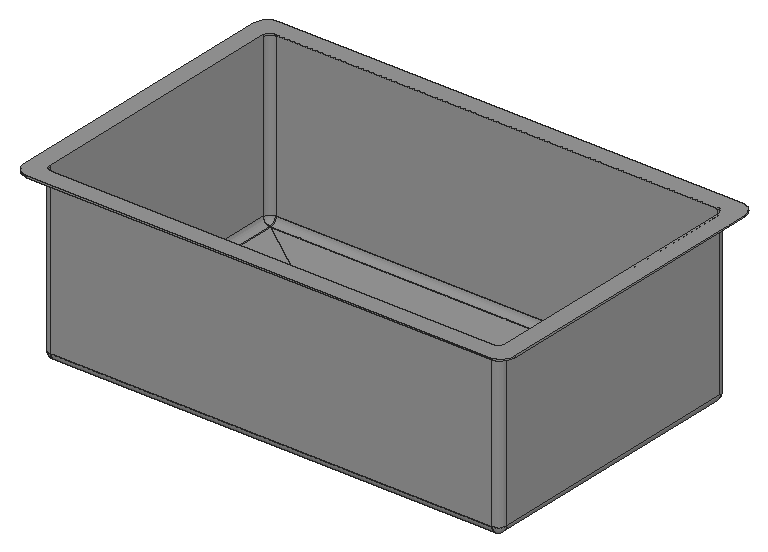
Revit family "BUILDMAT-SNGD005-Avisa-700-Brass-Gold", category Plumbing Fixtures, host Face, Revit 2020
Family settings
  Host = Face
  Round Connector Dimension = Use Diameter
  Part Type = Normal
  Cut with Voids When Loaded = No
  Shared = No
  Room Calculation Point = No
Parameters (values of type "Avisa 700x450x250mm")
  Width = 650.0 mm
  Undermount [instance] = 0.0 mm
  URL = "https://www.buildmat.com.au/products/700x450x250-single-bowl-kitchen-sink"
  Side Sound Pad = yes
  Side Brackets = yes
  Model = "SNA01005"  # constant formula
  Middle Sound Pad = no
  Middle Bracket = yes
  Manufacturer URL = "https://www.buildmat.com.au/"
  Manufacturer = "BUILDMAT"  # constant formula
  Length = 400.0 mm
  Description = "BUILDMAT - Avisa 700x450 - Large Single Bowl Sink"  # constant formula
  Depth = 250.0 mm
  Default Elevation = 1219.2 mm
  Created By URL = "https://www.buildmat.com.au/"
  Created By = "BUILDMAT"  # constant formula
  Created = "22.06.2022"  # constant formula
  Material = BUILDMAT Brass Gold
Reference planes
  plane 1 "Center (Front/Back)": y = 0
  plane 2: z = 0
  plane 3 "Center (Left/Right)": x = 0
  plane 4 "Top Substrate": z = 0
  plane 5 "Left": x = -325
  plane 6 "Right": x = 325
  plane 7 "Back": y = 200
  plane 8 "Front": y = -200
  plane 9: x = -350
  plane 10: x = 350
  plane 11: y = -225
  plane 12: y = 225
  plane 13 "Bottom Void": z = -250
  plane 14: z = 1.5
  plane 15: x = -326.5
  plane 16: y = -201.5
  plane 17: x = 326.5
  plane 18: y = 201.5
  plane 19: z = -240
  plane 20: z = -230
  plane 21: x = -315
  plane 22: x = 315
  plane 23: y = -190
  plane 24: y = 190
  plane 25: z = -245
  plane 26: z = -241.5
  plane 27: z = -246.5
  plane 28: x = -100
  plane 29: x = 100
  plane 30 "Sound Pad": z = -130
  plane 31 "Front Bracket": y = -100
  plane 32 "Back Bracket": y = 100
  plane 33: x = -225
  plane 34: x = 225
  plane 35: x = -57
  plane 36: x = 57
  plane 37: x = -45
  plane 38: x = 45
Forms (mm)
  Extrusion 1, void
    sketch origin (0, 0, 0) x (1, 0, 0) y (0, 1, 0)
      loop
        arc (-315, 200) -> (-322.071, 197.071) -> (-325, 190) r 10
        line (-325, 190) -> (-325, -190)
        arc (-325, -190) -> (-322.071, -197.071) -> (-315, -200) r 10
        line (-315, -200) -> (315, -200)
        arc (315, -200) -> (322.071, -197.071) -> (325, -190) r 10
        line (325, -190) -> (325, 190)
        arc (325, 190) -> (322.071, 197.071) -> (315, 200) r 10
        line (315, 200) -> (-315, 200)
    from 0 to 1.5
  Extrusion 2, void
    sketch origin (0, 0, 0) x (1, 0, 0) y (0, 1, 0)
      loop
        line (-326.5, 201.5) -> (-326.5, -201.5) -> (326.5, -201.5) -> (326.5, 201.5) -> (-326.5, 201.5)
    from 0 to -250
  Extrusion 3, void
    sketch origin (0, 0, 0) x (1, 0, 0) y (0, 1, 0)
      loop
        arc (-330, 225) -> (-344.142, 219.142) -> (-350, 205) r 20
        line (-350, 205) -> (-350, -205)
        arc (-350, -205) -> (-344.142, -219.142) -> (-330, -225) r 20
        line (-330, -225) -> (330, -225)
        arc (330, -225) -> (344.142, -219.142) -> (350, -205) r 20
        line (350, -205) -> (350, 205)
        arc (350, 205) -> (344.142, 219.142) -> (330, 225) r 20
        line (330, 225) -> (-330, 225)
    from 1.5 to 0
  Extrusion 4, solid, material "BUILDMAT Brass Gold" <- "Material"
    sketch origin (0, 0, 0) x (-1, 0, 0) y (0, -1, 0)
      loop
        arc (330, -225) -> (344.142, -219.142) -> (350, -205) r 20
        line (350, -205) -> (350, 205)
        arc (350, 205) -> (344.142, 219.142) -> (330, 225) r 20
        line (330, 225) -> (-330, 225)
        arc (-330, 225) -> (-344.142, 219.142) -> (-350, 205) r 20
        line (-350, 205) -> (-350, -205)
        arc (-350, -205) -> (-344.142, -219.142) -> (-330, -225) r 20
        line (-330, -225) -> (330, -225)
      loop
        arc (315, -200) -> (322.071, -197.071) -> (325, -190) r 10
        line (325, -190) -> (325, 190)
        arc (325, 190) -> (322.071, 197.071) -> (315, 200) r 10
        line (315, 200) -> (-315, 200)
        arc (-315, 200) -> (-322.071, 197.071) -> (-325, 190) r 10
        line (-325, 190) -> (-325, -190)
        arc (-325, -190) -> (-322.071, -197.071) -> (-315, -200) r 10
        line (-315, -200) -> (315, -200)
    from 0 to 1.5
  Extrusion 5, solid, material "BUILDMAT Brass Gold" <- "Material"
    sketch origin (0, 0, 0) x (-1, 0, 0) y (0, -1, 0)
      loop
        arc (315, -201.5) -> (323.132, -198.132) -> (326.5, -190) r 11.5
        line (326.5, -190) -> (326.5, 190)
        arc (326.5, 190) -> (323.132, 198.132) -> (315, 201.5) r 11.5
        line (315, 201.5) -> (-315, 201.5)
        arc (-315, 201.5) -> (-323.132, 198.132) -> (-326.5, 190) r 11.5
        line (-326.5, 190) -> (-326.5, -190)
        arc (-326.5, -190) -> (-323.132, -198.132) -> (-315, -201.5) r 11.5
        line (-315, -201.5) -> (315, -201.5)
      loop
        arc (-315, 200) -> (-322.071, 197.071) -> (-325, 190) r 10
        line (-325, 190) -> (-325, -190)
        arc (-325, -190) -> (-322.071, -197.071) -> (-315, -200) r 10
        line (-315, -200) -> (315, -200)
        arc (315, -200) -> (322.071, -197.071) -> (325, -190) r 10
        line (325, -190) -> (325, 190)
        arc (325, 190) -> (322.071, 197.071) -> (315, 200) r 10
        line (315, 200) -> (-315, 200)
    from 0 to -230
  Revolve 6, solid, material "BUILDMAT Brass Gold" <- "Material"
    sketch origin (-175.162, 190, 1219.2) x (-1, 0, 0) y (0, 0, 1)
      loop
        line (-500.162, -1449.2) -> (-501.662, -1449.2)
        arc (-501.662, -1449.2) -> (-498.293, -1457.332) -> (-490.162, -1460.7) r 11.5
        line (-490.162, -1460.7) -> (-490.162, -1459.2)
        arc (-490.162, -1459.2) -> (-497.233, -1456.271) -> (-500.162, -1449.2) r 10
      axis (-490.162, -1460.7) -> (-490.162, -1449.2)
    angle from 0 to -90
  Revolve 7, solid, material "BUILDMAT Brass Gold" <- "Material"
    sketch origin (-175.162, 190, 1219.2) x (-1, 0, 0) y (0, 0, 1)
      loop
        arc (149.838, -1449.2) -> (146.909, -1456.271) -> (139.838, -1459.2) r 10
        line (139.838, -1459.2) -> (139.838, -1460.7)
        arc (139.838, -1460.7) -> (147.97, -1457.332) -> (151.338, -1449.2) r 11.5
        line (151.338, -1449.2) -> (149.838, -1449.2)
      axis (139.838, -1449.2) -> (139.838, -1460.7)
    angle from 0 to -90
  Revolve 8, solid, material "BUILDMAT Brass Gold" <- "Material"
    sketch origin (-175.162, -190, 1219.2) x (-1, 0, 0) y (0, 0, 1)
      loop
        arc (149.838, -1449.2) -> (146.909, -1456.271) -> (139.838, -1459.2) r 10
        line (139.838, -1459.2) -> (139.838, -1460.7)
        arc (139.838, -1460.7) -> (147.97, -1457.332) -> (151.338, -1449.2) r 11.5
        line (151.338, -1449.2) -> (149.838, -1449.2)
      axis (139.838, -1449.2) -> (139.838, -1460.7)
    angle from 0 to 90
  Revolve 9, solid, material "BUILDMAT Brass Gold" <- "Material"
    sketch origin (-175.162, -190, 1219.2) x (-1, 0, 0) y (0, 0, 1)
      loop
        line (-500.162, -1449.2) -> (-501.662, -1449.2)
        arc (-501.662, -1449.2) -> (-498.293, -1457.332) -> (-490.162, -1460.7) r 11.5
        line (-490.162, -1460.7) -> (-490.162, -1459.2)
        arc (-490.162, -1459.2) -> (-497.233, -1456.271) -> (-500.162, -1449.2) r 10
      axis (-490.162, -1449.2) -> (-490.162, -1460.7)
    angle from 0 to 90
  Extrusion 10, solid, material "BUILDMAT Brass Gold" <- "Material"
    sketch origin (0, 0, 0) x (1, 0, 0) y (0, 0, 1)
      loop
        line (-325, -230) -> (-326.5, -230)
        arc (-326.5, -230) -> (-323.132, -238.132) -> (-315, -241.5) r 11.5
        line (-315, -241.5) -> (-315, -240)
        arc (-315, -240) -> (-322.071, -237.071) -> (-325, -230) r 10
    from -190 to 190
  Extrusion 11, solid, material "BUILDMAT Brass Gold" <- "Material"
    sketch origin (0, 0, 0) x (1, 0, 0) y (0, 0, 1)
      loop
        arc (325, -230) -> (322.071, -237.071) -> (315, -240) r 10
        line (315, -240) -> (315, -241.5)
        arc (315, -241.5) -> (323.132, -238.132) -> (326.5, -230) r 11.5
        line (326.5, -230) -> (325, -230)
    from -190 to 190
  Extrusion 12, solid, material "BUILDMAT Brass Gold" <- "Material"
    sketch origin (0, 0, 0) x (0, 1, 0) y (0, 0, 1)
      loop
        arc (200, -230) -> (197.071, -237.071) -> (190, -240) r 10
        line (190, -240) -> (190, -241.5)
        arc (190, -241.5) -> (198.132, -238.132) -> (201.5, -230) r 11.5
        line (201.5, -230) -> (200, -230)
    from -315 to 315
  Extrusion 13, solid, material "BUILDMAT Brass Gold" <- "Material"
    sketch origin (0, 0, 0) x (0, 1, 0) y (0, 0, 1)
      loop
        line (-200, -230) -> (-201.5, -230)
        arc (-201.5, -230) -> (-198.132, -238.132) -> (-190, -241.5) r 11.5
        line (-190, -241.5) -> (-190, -240)
        arc (-190, -240) -> (-197.071, -237.071) -> (-200, -230) r 10
    from -315 to 315
  Revolve 14, solid, material "BUILDMAT Brass Gold" <- "Material"
    sketch origin (0, 0, 0) x (1, 0, 0) y (0, 0, 1)
      loop
        line (-45, -250) -> (-45, -248.5)
        spline (-45, -248.5) -> (-46.484, -248.459) -> (-47.939, -248.339) -> (-49.337, -248.141) -> (-50.649, -247.871) -> (-51.848, -247.537) -> (-52.908, -247.151) -> (-53.805, -246.726) -> (-54.514, -246.283) -> (-55.023, -245.856) -> (-55.329, -245.483) -> (-55.468, -245.202) -> (-55.5, -245)
        line (-55.5, -245) -> (-57, -245)
        spline (-57, -245) -> (-56.897, -245.653) -> (-56.591, -246.294) -> (-56.087, -246.913) -> (-55.392, -247.5) -> (-54.52, -248.044) -> (-53.485, -248.536) -> (-52.305, -248.967) -> (-51, -249.33) -> (-49.592, -249.619) -> (-48.106, -249.83) -> (-46.566, -249.957) -> (-45, -250)
      axis (0, -245) -> (0, -250)
    angle from 0 to 360
  Blend 15, solid, material "BUILDMAT Brass Gold" <- "Material"
    base sketch origin (0, 0, 0) x (-1, 0, 0) y (0, -1, 0)
      loop
        circle (0, 0) r 57
    top sketch origin (0, 0, 0) x (-1, 0, 0) y (0, -1, 0)
      loop
        line (315, -190) -> (315, 190) -> (-315, 190) -> (-315, -190) -> (315, -190)
    from -246.5 to -241.5
  Blend 16, void
    base sketch origin (0, 0, 0) x (-1, 0, 0) y (0, -1, 0)
      loop
        circle (0, 0) r 57
    top sketch origin (0, 0, 0) x (-1, 0, 0) y (0, -1, 0)
      loop
        line (315, -190) -> (315, 190) -> (-315, 190) -> (-315, -190) -> (315, -190)
    from -245 to -240
  Extrusion 17, solid, material "BUILDMAT Brass Gold" <- "Material"
    sketch origin (0, 0, 0) x (-1, 0, 0) y (0, -1, 0)
      loop
        line (315, -190) -> (315, 190) -> (-315, 190) -> (-315, -190) -> (315, -190)
    from -241.5 to -240
  Extrusion 18, void
    sketch origin (0, 0, 0) x (-1, 0, 0) y (0, -1, 0)
      loop
        circle (0, 0) r 57
    from -250 to -230
Cuts and joins
  joined: Extrusion 4, Extrusion 5
  joined: Revolve 6, Revolve 9
  joined: Revolve 7, Revolve 8
  Blend 16, Extrusion 18 cuts Blend 15
  Blend 16, Extrusion 18 cuts Extrusion 17
  joined: Blend 15, Extrusion 17
Lines and regions (mm)
  Masking region 1
    outline origin (0, 0, 0) x (1, 0, 0) y (0, 0, 1)
      loop
        line (325, 0) -> (-325, 0) -> (-325, -230)
        arc (-325, -230) -> (-322.071, -237.071) -> (-315, -240) r 10
        line (-315, -240) -> (-57, -245) -> (57, -245) -> (315, -240)
        arc (315, -240) -> (322.071, -237.071) -> (325, -230) r 10
        line (325, -230) -> (325, 0)
  Masking region 2
    outline origin (0, 0, 0) x (1, 0, 0) y (0, 0, 1)
      loop
        line (-100, -245.667) -> (-100, -250) -> (-57, -250) -> (-57, -246.5) -> (-100, -245.667)
  Masking region 3
    outline origin (0, 0, 0) x (1, 0, 0) y (0, 0, 1)
      loop
        line (57, -246.5) -> (57, -250) -> (100, -250) -> (100, -245.667) -> (57, -246.5)
Text (mm)
  text "Refer to www.buildmat.com.au for the most current product literature. \nAllow a +/- 5mm tolerance for dimensions shown in the product literature. \nPlease note product details are subject to change due to ongoing product development." at (0.056, -1035.857, 0), in view "Ref. Level"
Dimensions and locks
  "Undermount": plane 2 to plane 4 "Top Substrate"
  equal spacing: plane 5 "Left", plane 3 "Center (Left/Right)", plane 6 "Right"
  "Width": plane 5 "Left" to plane 6 "Right"
  "Length": plane 7 "Back" to plane 8 "Front"
  equal spacing: plane 7 "Back", plane 1 "Center (Front/Back)", plane 8 "Front"
  locked: plane 12 to plane 7 "Back" at 25
  locked: plane 8 "Front" to plane 11 at 25
  locked: plane 9 to plane 5 "Left" at 25
  locked: plane 6 "Right" to plane 10 at 25
  "Depth": plane 4 "Top Substrate" to plane 13 "Bottom Void"
  locked: plane 14 to plane 4 "Top Substrate" at 1.5
  locked: plane 18 to plane 7 "Back" at 1.5
  locked: plane 8 "Front" to plane 16 at 1.5
  plane 15 to plane 5 "Left" = 1.5 mm
  plane 6 "Right" to plane 17 = 1.5 mm
  plane 20 to plane 19 to plane 13 "Bottom Void" = 10.0 mm, 10.0 mm
  locked: plane 5 "Left" to plane 21 at 10
  locked: plane 22 to plane 6 "Right" at 10
  locked: plane 7 "Back" to plane 24 at 10
  locked: plane 23 to plane 8 "Front" at 10
  locked: plane 19 to plane 26 at 1.5
  locked: plane 25 to plane 13 "Bottom Void" at 5
  locked: plane 25 to plane 27 at 1.5
  plane 29 to plane 3 "Center (Left/Right)" to plane 28 = 100.0 mm locked, 100.0 mm locked
  locked: plane 30 "Sound Pad" to plane 13 "Bottom Void" at 120
  locked: plane 7 "Back" to plane 32 "Back Bracket" at 100
  locked: plane 31 "Front Bracket" to plane 8 "Front" at 100
  locked: plane 33 to plane 5 "Left" at 100
  locked: plane 6 "Right" to plane 34 at 100
  equal spacing: plane 3 "Center (Left/Right)", nested 15, plane 33
  equal spacing: plane 34, nested 16, plane 3 "Center (Left/Right)"
  plane 37 to plane 3 "Center (Left/Right)" to plane 38 = 45.0 mm locked, 45.0 mm locked
  plane 35 to plane 3 "Center (Left/Right)" to plane 36 = 57.0 mm locked, 57.0 mm locked
  aligned and locked: plane 2 to host face
  aligned and locked: level to host face
  aligned and locked: plane 8 "Front" to Extrusion 1 sketch curve
  aligned and locked: Extrusion 1 sketch curve to plane 7 "Back"
  aligned and locked: plane 5 "Left" to Extrusion 1 sketch curve
  aligned and locked: Extrusion 1 sketch curve to plane 6 "Right"
  aligned and locked: plane 2 to Extrusion 1
  aligned and locked: plane 14 to Extrusion 1
  aligned and locked: Extrusion 2 sketch curve to plane 16
  aligned and locked: Extrusion 2 sketch curve to plane 18
  aligned and locked: plane 15 to Extrusion 2 sketch curve
  aligned and locked: plane 17 to Extrusion 2 sketch curve
  aligned and locked: Extrusion 2 to plane 13 "Bottom Void"
  aligned and locked: plane 4 "Top Substrate" to Extrusion 2
  aligned and locked: Extrusion 3 sketch curve to plane 11
  aligned and locked: plane 9 to Extrusion 3 sketch curve
  aligned and locked: Extrusion 3 sketch curve to plane 10
  aligned and locked: Extrusion 3 sketch curve to plane 12
  aligned and locked: Extrusion 3 to plane 4 "Top Substrate"
  aligned and locked: Extrusion 3 to plane 14
  aligned and locked: Extrusion 4 sketch curve to plane 11
  aligned and locked: Extrusion 4 sketch curve to plane 12
  aligned and locked: plane 9 to Extrusion 4 sketch curve
  aligned and locked: Extrusion 4 sketch curve to plane 10
  aligned and locked: plane 5 "Left" to Extrusion 4 sketch curve
  aligned and locked: Extrusion 4 sketch curve to plane 6 "Right"
  aligned and locked: Extrusion 4 sketch curve to plane 7 "Back"
  aligned and locked: plane 8 "Front" to Extrusion 4 sketch curve
  aligned and locked: Extrusion 5 sketch curve to plane 7 "Back"
  aligned and locked: plane 5 "Left" to Extrusion 5 sketch curve
  aligned and locked: Extrusion 5 sketch curve to plane 6 "Right"
  aligned and locked: plane 8 "Front" to Extrusion 5 sketch curve
  aligned and locked: plane 15 to Extrusion 5 sketch curve
  aligned and locked: Extrusion 5 sketch curve to plane 16
  aligned and locked: plane 17 to Extrusion 5 sketch curve
  aligned and locked: Extrusion 5 sketch curve to plane 18
  aligned and locked: Extrusion 5 to plane 20
  aligned and locked: plane 4 "Top Substrate" to Extrusion 5
  aligned and locked: Extrusion 11 to plane 23
  aligned and locked: plane 24 to Extrusion 11
  aligned and locked: plane 24 to Extrusion 10
  aligned and locked: Extrusion 10 to plane 23
  aligned and locked: Extrusion 13 to plane 21
  aligned and locked: plane 22 to Extrusion 13
  aligned and locked: plane 22 to Extrusion 12
  aligned and locked: Extrusion 12 to plane 21
  aligned and locked: plane 21 to Blend 15 sketch curve
  aligned and locked: Blend 15 sketch curve to plane 22
  aligned and locked: Blend 15 sketch curve to plane 23
  aligned and locked: Blend 15 sketch curve to plane 24
  aligned and locked: plane 27 to Blend 15
  aligned and locked: Blend 15 to plane 26
  aligned and locked: Blend 16 sketch curve to plane 24
  aligned and locked: plane 21 to Blend 16 sketch curve
  aligned and locked: Blend 16 sketch curve to plane 22
  aligned and locked: Blend 16 sketch curve to plane 23
  aligned and locked: Blend 16 to plane 25
  aligned and locked: Blend 16 to plane 19
  aligned and locked: Extrusion 17 sketch curve to plane 24
  aligned and locked: Extrusion 17 sketch curve to plane 23
  aligned and locked: plane 21 to Extrusion 17 sketch curve
  aligned and locked: Extrusion 17 sketch curve to plane 22
  aligned and locked: Extrusion 17 to plane 26
  aligned and locked: Extrusion 17 to plane 19
  aligned and locked: Extrusion 18 to plane 13 "Bottom Void"
  aligned and locked: plane 20 to Extrusion 18
  aligned and locked: cut or joined group of Blend 15, Blend 16, Extrusion 17, Extrusion 18 to Masking region 2 sketch curve
  aligned and locked: Masking region 3 sketch curve to cut or joined group of Blend 15, Blend 16, Extrusion 17, Extrusion 18
  aligned and locked: plane 3 "Center (Left/Right)" to nested 1
  aligned and locked: nested 1 to plane 4 "Top Substrate"
  aligned and locked: plane 3 "Center (Left/Right)" to nested 2
  aligned and locked: nested 2 to plane 30 "Sound Pad"
  aligned and locked: nested 3 to plane 18
  aligned and locked: plane 3 "Center (Left/Right)" to nested 3
  aligned and locked: plane 16 to nested 4
  aligned and locked: nested 4 to plane 3 "Center (Left/Right)"
  aligned and locked: plane 31 "Front Bracket" to nested 6
  aligned and locked: plane 15 to nested 6
  aligned and locked: plane 31 "Front Bracket" to nested 8
  aligned and locked: plane 17 to nested 8
  aligned and locked: plane 32 "Back Bracket" to nested 7
  aligned and locked: plane 17 to nested 7
  aligned and locked: plane 32 "Back Bracket" to nested 5
  aligned and locked: plane 15 to nested 5
  aligned and locked: nested 9 to plane 4 "Top Substrate"
  aligned and locked: nested 9 to plane 33
  aligned and locked: nested 10 to plane 4 "Top Substrate"
  aligned and locked: nested 10 to plane 34
  aligned and locked: nested 13 to plane 33
  aligned and locked: nested 14 to plane 34
  aligned and locked: plane 16 to nested 13
  aligned and locked: nested 14 to plane 16
  aligned and locked: plane 33 to nested 11
  aligned and locked: nested 11 to plane 18
  aligned and locked: plane 34 to nested 12
  aligned and locked: plane 18 to nested 12
  aligned and locked: nested 15 to plane 30 "Sound Pad"
  aligned and locked: nested 16 to plane 30 "Sound Pad"
  aligned and locked: nested 17 to plane 23
  aligned and locked: nested 17 to plane 24
  aligned and locked: plane 22 to nested 17
  aligned and locked: plane 21 to nested 17
  aligned and locked: plane 3 "Center (Left/Right)" to nested 18
  aligned and locked: plane 1 "Center (Front/Back)" to nested 18
  aligned and locked: plane 4 "Top Substrate" to Masking region 1
Automatic sketch dimensions
  host sketch curve to host sketch curve = 2438.4 mm  (x2)
  plane 5 "Left" to Extrusion 1 sketch curve = 10.0 mm  (x2)
  Extrusion 1 sketch curve to plane 6 "Right" = 10.0 mm  (x2)
  Extrusion 4 sketch curve to plane 10 = 20.0 mm  (x2)
  Extrusion 4 sketch curve to Extrusion 4 sketch curve = 10.0 mm  (x2)
  plane 5 "Left" to Extrusion 4 sketch curve = 10.0 mm
  plane 9 to Extrusion 4 sketch curve = 20.0 mm
  plane 8 "Front" to Extrusion 4 sketch curve = 10.0 mm
  plane 11 to Extrusion 4 sketch curve = 20.0 mm
  Extrusion 3 sketch curve to plane 5 "Left" = 5.0 mm
  plane 6 "Right" to Extrusion 3 sketch curve = 5.0 mm  (x2)
  plane 7 "Back" to Extrusion 3 sketch curve = 5.0 mm
  plane 5 "Left" to Extrusion 5 sketch curve = 10.0 mm
  Extrusion 5 sketch curve to plane 6 "Right" = 10.0 mm
  plane 8 "Front" to Extrusion 5 sketch curve = 10.0 mm
  Extrusion 5 sketch curve to plane 7 "Back" = 10.0 mm
  Extrusion 5 sketch curve to Extrusion 5 sketch curve = 0.0 mm  (x4)
  Revolve 6 sketch curve to Revolve 6 sketch curve = 0.0 mm  (x3)
  plane 17 to Revolve 6 sketch curve = 0.0 mm
  Revolve 6 sketch curve to plane 6 "Right" = 0.0 mm
  Revolve 6 sketch curve to plane 22 = 0.0 mm  (x2)
  Revolve 6 sketch curve to plane 19 = 0.0 mm
  Revolve 6 sketch curve to plane 20 = 0.0 mm
  Revolve 7 sketch curve to Revolve 7 sketch curve = 0.0 mm  (x3)
  Revolve 7 sketch curve to plane 20 = 0.0 mm  (x2)
  Revolve 7 sketch curve to plane 21 = 0.0 mm  (x2)
  Revolve 7 sketch curve to plane 5 "Left" = 0.0 mm
  Revolve 7 sketch curve to plane 15 = 0.0 mm
  Revolve 8 sketch curve to Revolve 8 sketch curve = 0.0 mm  (x3)
  Revolve 8 sketch curve to plane 20 = 0.0 mm  (x2)
  Revolve 8 sketch curve to plane 21 = 0.0 mm  (x2)
  Revolve 8 sketch curve to plane 5 "Left" = 0.0 mm
  Revolve 8 sketch curve to plane 15 = 0.0 mm
  Revolve 9 sketch curve to Revolve 9 sketch curve = 0.0 mm  (x3)
  plane 17 to Revolve 9 sketch curve = 0.0 mm
  Revolve 9 sketch curve to plane 6 "Right" = 0.0 mm
  Revolve 9 sketch curve to plane 22 = 0.0 mm  (x2)
  Revolve 9 sketch curve to plane 20 = 0.0 mm
  Revolve 9 sketch curve to plane 19 = 0.0 mm
  Extrusion 10 sketch curve to plane 15 = 0.0 mm
  Extrusion 10 sketch curve to plane 5 "Left" = 0.0 mm
  Extrusion 10 sketch curve to plane 19 = 0.0 mm
  Extrusion 10 sketch curve to plane 21 = 0.0 mm
  Extrusion 11 sketch curve to plane 20 = 0.0 mm
  Extrusion 11 sketch curve to plane 22 = 0.0 mm
  Extrusion 11 sketch curve to plane 6 "Right" = 0.0 mm
  plane 17 to Extrusion 11 sketch curve = 0.0 mm
  Extrusion 12 sketch curve to plane 20 = 0.0 mm
  Extrusion 12 sketch curve to plane 24 = 0.0 mm
  Extrusion 12 sketch curve to plane 7 "Back" = 0.0 mm
  Extrusion 12 sketch curve to plane 18 = 0.0 mm
  Extrusion 13 sketch curve to plane 16 = 0.0 mm
  Extrusion 13 sketch curve to plane 8 "Front" = 0.0 mm
  Extrusion 13 sketch curve to plane 23 = 0.0 mm
  Extrusion 13 sketch curve to plane 19 = 0.0 mm
  Revolve 14 sketch curve to plane 25 = 0.0 mm
  Revolve 14 sketch curve to plane 13 "Bottom Void" = 0.0 mm  (x2)
  Revolve 14 sketch curve to plane 3 "Center (Left/Right)" = 0.0 mm
  Revolve 14 sketch curve to plane 20 = 0.0 mm
  Revolve 14 sketch curve to plane 3 "Center (Left/Right)" = 45.0 mm
  Revolve 14 sketch curve to Revolve 14 sketch curve = 10.5 mm
  Revolve 14 sketch curve to Revolve 14 sketch curve = 1.5 mm  (x2)
  Revolve 14 sketch curve to Revolve 14 sketch curve = 0.0 mm
  plane 1 "Center (Front/Back)" to Blend 15 sketch curve = 0.0 mm
  Blend 15 sketch curve to plane 3 "Center (Left/Right)" = 0.0 mm
  plane 1 "Center (Front/Back)" to Blend 16 sketch curve = 0.0 mm
  Blend 16 sketch curve to plane 3 "Center (Left/Right)" = 0.0 mm
  plane 1 "Center (Front/Back)" to Extrusion 18 sketch curve = 0.0 mm
  Extrusion 18 sketch curve to plane 3 "Center (Left/Right)" = 0.0 mm
  Masking region 1 sketch curve to level = 0.0 mm
  Masking region 1 sketch curve to plane 20 = 0.0 mm
  Masking region 1 sketch curve to plane 21 = 0.0 mm
  Masking region 1 sketch curve to plane 25 = 0.0 mm
  Masking region 1 sketch curve to plane 3 "Center (Left/Right)" = 57.0 mm
  plane 3 "Center (Left/Right)" to Masking region 1 sketch curve = 57.0 mm
  Masking region 1 sketch curve to plane 19 = 0.0 mm
  Masking region 1 sketch curve to plane 22 = 0.0 mm
  Masking region 1 sketch curve to plane 6 "Right" = 0.0 mm
  Masking region 1 sketch curve to plane 5 "Left" = 0.0 mm
  Masking region 2 sketch curve to plane 28 = 0.0 mm
  Masking region 2 sketch curve to plane 13 "Bottom Void" = 0.0 mm
  Masking region 2 sketch curve to plane 27 = 0.0 mm
  Masking region 3 sketch curve to plane 27 = 0.0 mm
  Masking region 3 sketch curve to plane 13 "Bottom Void" = 0.0 mm
  Masking region 3 sketch curve to plane 29 = 0.0 mm
  radius of Blend 15 sketch curve = 57.0 mm
  radius of Blend 16 sketch curve = 57.0 mm
  radius of Extrusion 18 sketch curve = 57.0 mm
Nested families
  nested 1: "TMB_Front" at (0, 0, 0) x (1, 0, 0) z (0, -1, 0), visible <- "Middle Bracket", type "TMB_Front"
  nested 2: "SP_Front" at (0, 0, -130) x (1, 0, 0) z (0, -1, 0), visible <- "Middle Sound Pad", type "SP_Front"
  nested 3: "TMB_Plan" at (0, 201.5, 0), visible <- "Middle Bracket", type "TMB_Plan"
  nested 4: "TMB_Plan" at (0, -201.5, 0) x (-1, 0, 0) z (0, 0, 1), visible <- "Middle Bracket", type "TMB_Plan"
  nested 5: "TMB_Plan" at (-326.5, 100, 0) x (0, 1, 0) z (0, 0, 1), type "TMB_Plan"
  nested 6: "TMB_Plan" at (-326.5, -100, 0) x (0, 1, 0) z (0, 0, 1), type "TMB_Plan"
  nested 7: "TMB_Plan" at (326.5, 100, 0) x (0, -1, 0) z (0, 0, 1), type "TMB_Plan"
  nested 8: "TMB_Plan" at (326.5, -100, 0) x (0, -1, 0) z (0, 0, 1), type "TMB_Plan"
  nested 9: "TMB_Front" at (-225, 0, 0) x (1, 0, 0) z (0, -1, 0), visible <- "Side Brackets", type "TMB_Front"
  nested 10: "TMB_Front" at (225, 0, 0) x (1, 0, 0) z (0, -1, 0), visible <- "Side Brackets", type "TMB_Front"
  nested 11: "TMB_Plan" at (-225, 201.5, 0), visible <- "Side Brackets", type "TMB_Plan"
  nested 12: "TMB_Plan" at (225, 201.5, 0), visible <- "Side Brackets", type "TMB_Plan"
  nested 13: "TMB_Plan" at (-225, -201.5, 0) x (-1, 0, 0) z (0, 0, 1), visible <- "Side Brackets", type "TMB_Plan"
  nested 14: "TMB_Plan" at (225, -201.5, 0) x (-1, 0, 0) z (0, 0, 1), visible <- "Side Brackets", type "TMB_Plan"
  nested 15: "SP_Front" at (-112.5, 0, -130) x (1, 0, 0) z (0, -1, 0), visible <- "Side Sound Pad", type "SP_Front"
  nested 16: "SP_Front" at (112.5, 0, -130) x (1, 0, 0) z (0, -1, 0), visible <- "Side Sound Pad", type "SP_Front"
  nested 17: "BOWL Plan" at (0, 0, -130), type "BOWL Plan"
    with Width 630.0 mm, Lenght 380.0 mm
  nested 18: "DRAIN" at (0, 0, 0), type "DRAIN"
Definition of nested family "TMB_Front"
  Reference planes
    plane 1 "Center (Elevation)": y = 0
    plane 2: z = 0
    plane 3 "Center (Left/Right)": x = 0
  Lines and regions (mm)
    Masking region 1, in view "Ref. Level"
      outline origin (0, 0, 0) x (1, 0, 0) y (0, 1, 0)
        loop
          line (-17.5, 0) -> (-17.5, -80) -> (17.5, -80) -> (17.5, 0) -> (-17.5, 0)
    detail lines, in view "Ref. Level"
      curve 1: line (-17.5, 0, 0) -> (-17.5, -80, 0)
      curve 2: line (-17.5, -80, 0) -> (17.5, -80, 0)
      curve 3: line (17.5, -80, 0) -> (17.5, 0, 0)
      curve 4: line (-12.5, -50, 0) -> (12.5, -50, 0)
      curve 5: line (-12.5, -75, 0) -> (-12.5, -50, 0)
      curve 6: line (12.5, -75, 0) -> (-12.5, -75, 0)
      curve 7: line (12.5, -50, 0) -> (12.5, -75, 0)
Definition of nested family "SP_Front"
  Reference planes
    plane 1 "Center (Elevation)": y = 0
    plane 2: z = 0
    plane 3 "Center (Left/Right)": x = 0
  Lines and regions (mm)
    Masking region 1, in view "Ref. Level"
      outline origin (0, 0, 0) x (1, 0, 0) y (0, 1, 0)
        loop
          arc (-50, 40) -> (-57.071, 37.071) -> (-60, 30) r 10
          line (-60, 30) -> (-60, -30)
          arc (-60, -30) -> (-57.071, -37.071) -> (-50, -40) r 10
          line (-50, -40) -> (50, -40)
          arc (50, -40) -> (57.071, -37.071) -> (60, -30) r 10
          line (60, -30) -> (60, 30)
          arc (60, 30) -> (57.071, 37.071) -> (50, 40) r 10
          line (50, 40) -> (-50, 40)
    detail lines, in view "Ref. Level"
      curve 1: line (-50, 40, 0) -> (50, 40, 0)
      curve 2: line (50, -40, 0) -> (-50, -40, 0)
      curve 3: line (60, 30, 0) -> (60, -30, 0)
      curve 4: line (-60, 30, 0) -> (-60, -30, 0)
      curve 5: arc (-50, 40, 0) -> (-57.071, 37.071, 0) -> (-60, 30, 0) r 10
      curve 6: arc (-60, -30, 0) -> (-57.071, -37.071, 0) -> (-50, -40, 0) r 10
      curve 7: arc (50, -40, 0) -> (57.071, -37.071, 0) -> (60, -30, 0) r 10
      curve 8: arc (60, 30, 0) -> (57.071, 37.071, 0) -> (50, 40, 0) r 10
  Dimensions and locks
    aligned and locked: Masking region 1 sketch curve to curve 1
    aligned and locked: Masking region 1 sketch curve to curve 4
    aligned and locked: Masking region 1 sketch curve to curve 2
    aligned and locked: Masking region 1 sketch curve to curve 3
Definition of nested family "TMB_Plan"
  Reference planes
    plane 1 "Center (Front/Back)": y = 0
    plane 2: z = 0
    plane 3 "Center (Left/Right)": x = 0
  Lines and regions (mm)
    detail lines, in view "Ref. Level"
      curve 1: line (-17.5, 0, 0) -> (17.5, 0, 0)
      curve 2: line (17.5, 0, 0) -> (17.5, 5, 0)
      curve 3: line (17.5, 5, 0) -> (12.5, 5, 0)
      curve 4: line (-17.5, 0, 0) -> (-17.5, 5, 0)
      curve 5: line (-17.5, 5, 0) -> (-12.5, 5, 0)
Definition of nested family "BOWL Plan"
  Parameters (values of type "BOWL Plan")
    Width [instance] = 600.0 mm
    Lenght [instance] = 400.0 mm
  Reference planes
    plane 1 "Center (Front/Back)": y = 0
    plane 2: z = 0
    plane 3 "Center (Left/Right)": x = 0
    plane 4 "Left": x = -300
    plane 5 "Right": x = 300
    plane 6 "Back": y = 200
    plane 7 "Front": y = -200
  Lines and regions (mm)
    Masking region 1, in view "Ref. Level"
      outline origin (0, 0, 0) x (1, 0, 0) y (0, 1, 0)
        loop
          line (-300, 200) -> (-300, -200) -> (300, -200) -> (300, 200) -> (-300, 200)
    detail lines, in view "Ref. Level"
      curve 1: line (-300, 200, 0) -> (300, -200, 0)
      curve 2: line (-300, -200, 0) -> (300, 200, 0)
  Dimensions and locks
    equal spacing: plane 6 "Back", plane 1 "Center (Front/Back)", plane 7 "Front"
    "Lenght": plane 6 "Back" to plane 7 "Front"
    equal spacing: plane 4 "Left", plane 3 "Center (Left/Right)", plane 5 "Right"
    "Width": plane 4 "Left" to plane 5 "Right"
    aligned and locked: plane 4 "Left" to Masking region 1 sketch curve
    aligned and locked: Masking region 1 sketch curve to plane 5 "Right"
    aligned and locked: plane 7 "Front" to Masking region 1 sketch curve
    aligned and locked: Masking region 1 sketch curve to plane 6 "Back"
  Automatic sketch dimensions
    curve 2 to plane 4 "Left" = 0.0 mm
    curve 1 to plane 4 "Left" = 0.0 mm
    curve 2 to plane 5 "Right" = 0.0 mm
    curve 1 to plane 5 "Right" = 0.0 mm
    curve 1 to plane 7 "Front" = 0.0 mm
    curve 2 to plane 7 "Front" = 0.0 mm
    curve 2 to plane 6 "Back" = 0.0 mm
    curve 1 to plane 6 "Back" = 0.0 mm
Definition of nested family "DRAIN"
  Reference planes
    plane 1 "Center (Front/Back)": y = 0
    plane 2: z = 0
    plane 3 "Center (Left/Right)": x = 0
  Lines and regions (mm)
    Masking region 1, in view "Ref. Level"
      outline origin (0, 0, 0) x (1, 0, 0) y (0, 1, 0)
        loop
          circle (0, 0) r 57
    detail lines, in view "Ref. Level"
      curve 1: circle (0, 0, 0) r 45 normal (0, 0, 1)
      curve 2: circle (0, 0, 0) r 55.5 normal (0, 0, 1)
